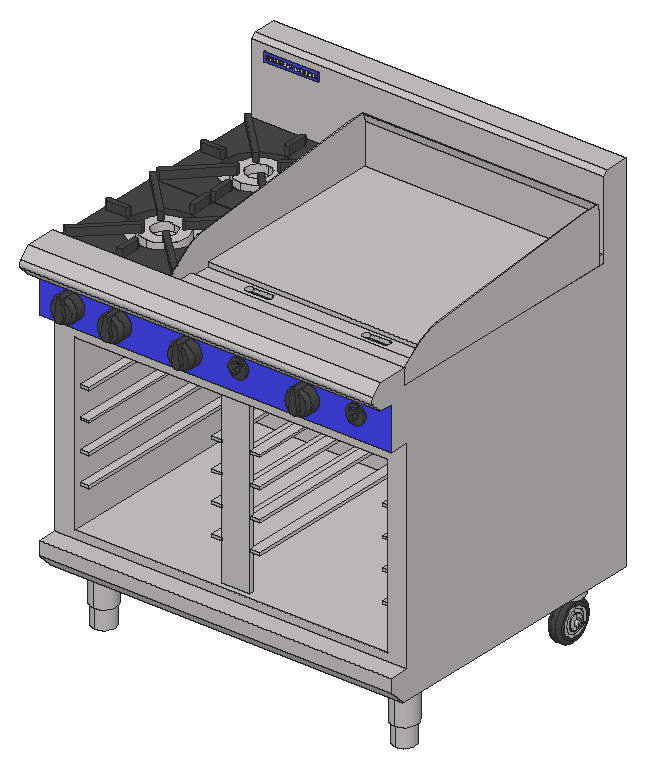
Revit family "QF_MOFFAT_BLUESEAL_CE_G516B-CB", category Specialty Equipment, Revit 2012
Parameters
  Width = 900 mm
  Weight in Pounds = 396  # constant formula
  URL Cutsheet = "www.moffat.com"
  URL = "www.moffat.com"
  Type Mark [instance] = ""
  Status [instance] = ""
  Specification by User [instance] = ""
  Specification by Manufacturer = ""
  Show Logo [instance] = yes
  Show Casters [instance] = yes
  Serial Number = ""
  Seismic Rating = ""
  SMACNA No = ""
  Revision Code [instance] = ""
  Omniclass Number and Title = ""
  NAFEM Spec ID Number = ""
  Model = "G516B-CB"
  Mechanical Remarks = ""
  Mechanical Connection Type = ""
  Masterspec = ""
  Manufacturer = "MOFFAT BLUESEAL"
  Legs [instance] = not(Show Casters)  # no
  Item Number [instance] = ""
  Installed By [instance] = ""
  Identify Quantity as Lot [instance] = yes
  Gas Size = 3/4"
  Gas RI Height = 0 mm
  Gas KW = 26.6
  Gas Input = 90990.0 Btu/h
  Gas Connection Height = 0 mm
  Furnished By [instance] = ""
  Foodservice Equipment Identifier [instance] = yes
  Description = "900MM GAS COOK TOP ON CABINET BASE"
  Depth = 812 mm
  CSI MasterFormat = ""
  CSI Master Format = ""
  Base Height [instance] = 150 mm
Reference planes
  plane 1 "BACK": y = 0
  plane 2: z = 0
  plane 3 "LEFT": x = 0
  plane 4 "RIGHT": x = 900
  plane 5 "FRONT": y = -812
  plane 6 "TOP": z = 970
  plane 7 "Center Y": x = 450
  plane 8 "Center X": y = -406
  plane 9 "Base Height": z = 150
  plane 10: z = 915
  plane 11: z = 1085
  plane 12: z = 740
  plane 13: x = 834
  plane 14: x = 65
  plane 15: y = -625
  plane 16: y = -100
Forms (mm)
  Extrusion 1, solid, material "QF_Finishes_Stainless Steel"
    sketch origin (0, 0, 0) x (0, 1, 0) y (0, 0, 1)
      loop
        line (0, 150) -> (0, 1085) -> (-57.5, 1085) -> (-70, 1072.5) -> (-70, 875) -> (-705.25, 875) -> (-705.25, 915) -> (-783.97, 915) -> (-808.485, 890.485)
        arc (-808.485, 890.485) -> (-811.999, 882) -> (-808.485, 873.515) r 12
        line (-808.485, 873.515) -> (-784.97, 850) -> (-749, 850) -> (-749, 740) -> (-130.5, 740) -> (-130.5, 222.5) -> (-749, 222.5) -> (-749, 186) -> (-713, 150) -> (0, 150)
    from 0 to 900
  Extrusion 2, void
    sketch origin (705, 3, 100) x (1, 0, 0) y (0, 1, 0)
      loop
        circle (65, -35) r 13.5
    from 640 to 570
  Revolve 3, solid, material "QF_Finishes_Black"
    sketch origin (90, 7, 760) x (0, 1, 0) y (0, 0, -1)
      loop
        line (-789, -69.5) -> (-766, -69.5) -> (-766, -42) -> (-756, -42) -> (-756, -37) -> (-800, -37) -> (-800, -63.651) -> (-789, -69.5)
      axis (-800, -37) -> (-756, -37)
    angle from 0 to 360
  Extrusion 4, solid, material "QF_Finishes_Black"
    sketch origin (228.27, 7, 760.158) x (-1, 0, 0) y (0, 0, -1)
      loop
        line (127.85, -26.037) -> (133.271, -68.955)
        arc (133.271, -68.955) -> (138.27, -73.842) -> (143.268, -68.955) r 5
        line (143.268, -68.955) -> (148.757, -24.87)
        arc (148.757, -24.87) -> (137.685, -14.371) -> (127.85, -26.037) r 10.487
    from 759 to 808
  Revolve 5, solid, material "QF_Finishes_Stainless Steel", visible <- "Legs"
    sketch origin (834, -165, 0) x (0, 1, 0) y (0, 0, -1)
      loop
        line (33.25, -150) -> (65, -150) -> (65, 0) -> (37.5, 0) -> (37.5, -50) -> (33.25, -50) -> (33.25, -150)
      axis (65, -150) -> (65, 0)
    angle from 0 to 360
  Revolve 6, solid, material "QF_Finishes_Stainless Steel"
    sketch origin (834, -728, 0) x (0, 1, 0) y (0, 0, -1)
      loop
        line (71.25, -150) -> (103, -150) -> (103, 0) -> (75.5, 0) -> (75.5, -50) -> (71.25, -50) -> (71.25, -150)
      axis (103, -150) -> (103, 0)
    angle from 0 to 360
  Extrusion 7, solid, material "QF_Finishes_Stainless Steel"
    sketch origin (0, -130.5, 735) x (0, 0, 1) y (-1, 0, 0)
      loop
        line (5, -900) -> (5, 0) -> (-512.5, 0) -> (-512.5, -900) -> (5, -900)
      loop
        line (-50, -850) -> (-50, -50) -> (-492.5, -50) -> (-492.5, -850) -> (-50, -850)
    from 0 to 568.5
  Extrusion 8, void
    sketch origin (0, 0, 150) x (-1, 0, 0) y (0, -1, 0)
      loop
        line (-824.497, 87.26) -> (-824.497, -30.24) -> (-694.997, -30.24) -> (-694.997, 38.76) -> (-743.497, 87.26) -> (-824.497, 87.26)
    from 72.5 to 590
  Extrusion 9, solid, material "QF_Finishes_Stainless Steel"
    sketch origin (0, -130.5, 735) x (0, 0, 1) y (-1, 0, 0)
      loop
        line (-50, -485.5) -> (-50, -414.5) -> (-492.5, -414.5) -> (-492.5, -485.5) -> (-50, -485.5)
    from 543.302 to 553.302
  Extrusion 10, solid, material "QF_Finishes_Stainless Steel"
    sketch origin (0, -130.5, 735) x (0, 0, 1) y (-1, 0, 0)
      loop
        line (-246.25, -414.5) -> (-239.9, -414.5) -> (-239.9, -389.5) -> (-246.25, -389.5) -> (-246.25, -414.5)
      loop
        line (-321.25, -414.5) -> (-314.9, -414.5) -> (-314.9, -389.5) -> (-321.25, -389.5) -> (-321.25, -414.5)
      loop
        line (-321.25, -50) -> (-321.25, -75) -> (-314.9, -75) -> (-314.9, -50) -> (-321.25, -50)
      loop
        line (-239.9, -75) -> (-239.9, -50) -> (-246.25, -50) -> (-246.25, -75) -> (-239.9, -75)
      loop
        line (-396.25, -414.5) -> (-389.9, -414.5) -> (-389.9, -389.5) -> (-396.25, -389.5) -> (-396.25, -414.5)
      loop
        line (-396.25, -50) -> (-396.25, -75) -> (-389.9, -75) -> (-389.9, -50) -> (-396.25, -50)
      loop
        line (-171.25, -414.5) -> (-164.9, -414.5) -> (-164.9, -389.5) -> (-171.25, -389.5) -> (-171.25, -414.5)
      loop
        line (-164.9, -75) -> (-164.9, -50) -> (-171.25, -50) -> (-171.25, -75) -> (-164.9, -75)
      loop
        line (-246.25, -485.5) -> (-246.25, -510.5) -> (-239.9, -510.5) -> (-239.9, -485.5) -> (-246.25, -485.5)
      loop
        line (-321.25, -485.5) -> (-321.25, -510.5) -> (-314.9, -510.5) -> (-314.9, -485.5) -> (-321.25, -485.5)
      loop
        line (-321.25, -850) -> (-314.9, -850) -> (-314.9, -825) -> (-321.25, -825) -> (-321.25, -850)
      loop
        line (-239.9, -825) -> (-246.25, -825) -> (-246.25, -850) -> (-239.9, -850) -> (-239.9, -825)
      loop
        line (-396.25, -485.5) -> (-396.25, -510.5) -> (-389.9, -510.5) -> (-389.9, -485.5) -> (-396.25, -485.5)
      loop
        line (-396.25, -850) -> (-389.9, -850) -> (-389.9, -825) -> (-396.25, -825) -> (-396.25, -850)
      loop
        line (-171.25, -485.5) -> (-171.25, -510.5) -> (-164.9, -510.5) -> (-164.9, -485.5) -> (-171.25, -485.5)
      loop
        line (-164.9, -825) -> (-171.25, -825) -> (-171.25, -850) -> (-164.9, -850) -> (-164.9, -825)
    from 0 to 553.302
  Extrusion 11, solid, material "QF_Finishes_Stainless Steel"
    sketch origin (705, -4.5, 740) x (0, 1, 0) y (1, 0, 0)
      loop
        circle (-27.5, 65) r 6.35
    from 0 to 1.6
  Revolve 12, solid, material "QF_Finishes_Stainless Steel", visible <- "Show Casters"
    sketch origin (784.648, -99.755, -13.653) x (1, 0, 0) y (0, 0, 1)
      loop
        line (14.841, 63.604) -> (83.584, 63.604) -> (83.584, 67.109) -> (82.314, 68.379) -> (80.79, 68.379) -> (80.79, 71.826) -> (68.644, 71.826) -> (68.644, 81.79) -> (65.088, 83.843) -> (63.738, 92.179) -> (65.881, 92.179) -> (65.881, 98.529) -> (65.088, 98.529) -> (65.088, 104.879)
        arc (65.088, 104.879) -> (62.298, 111.614) -> (55.563, 114.404) r 9.525
        line (55.563, 114.404) -> (42.863, 114.404)
        arc (42.863, 114.404) -> (36.127, 111.614) -> (33.338, 104.879) r 9.525
        line (33.338, 104.879) -> (33.338, 98.529) -> (32.544, 98.529) -> (32.544, 92.179) -> (34.687, 92.179) -> (33.352, 83.932) -> (29.782, 81.871) -> (29.782, 71.826) -> (17.635, 71.826) -> (17.635, 68.379) -> (16.111, 68.379) -> (14.841, 67.109) -> (14.841, 63.604)
      axis (14.841, 63.604) -> (83.584, 63.604)
    angle from 0 to 360
  Revolve 13, solid, material "QF_Finishes_Stainless Steel", visible <- "Show Casters"
    sketch origin (833.871, -203, 0) x (0, 1, 0) y (0, 0, 1)
      loop
        line (68.25, 150) -> (68.25, 110) -> (104, 110) -> (104, 150) -> (68.25, 150)
      axis (104, 150) -> (104, 110)
    angle from 0 to 360
  Revolve 14, solid, material "QF_Finishes_Stainless Steel", visible <- "Legs"
    sketch origin (65, -165, 0) x (0, 1, 0) y (0, 0, -1)
      loop
        line (33.25, -150) -> (65, -150) -> (65, 0) -> (37.5, 0) -> (37.5, -50) -> (33.25, -50) -> (33.25, -150)
      axis (65, -150) -> (65, 0)
    angle from 0 to 360
  Revolve 15, solid, material "QF_Finishes_Stainless Steel"
    sketch origin (65, -728, 0) x (0, 1, 0) y (0, 0, -1)
      loop
        line (71.25, -150) -> (103, -150) -> (103, 0) -> (75.5, 0) -> (75.5, -50) -> (71.25, -50) -> (71.25, -150)
      axis (103, -150) -> (103, 0)
    angle from 0 to 360
  Revolve 16, solid, material "QF_Finishes_Stainless Steel", visible <- "Show Casters"
    sketch origin (15.648, -99.755, -13.653) x (1, 0, 0) y (0, 0, 1)
      loop
        line (14.841, 63.604) -> (83.584, 63.604) -> (83.584, 67.109) -> (82.314, 68.379) -> (80.79, 68.379) -> (80.79, 71.826) -> (68.644, 71.826) -> (68.644, 81.79) -> (65.088, 83.843) -> (63.738, 92.179) -> (65.881, 92.179) -> (65.881, 98.529) -> (65.088, 98.529) -> (65.088, 104.879)
        arc (65.088, 104.879) -> (62.298, 111.614) -> (55.563, 114.404) r 9.525
        line (55.563, 114.404) -> (42.863, 114.404)
        arc (42.863, 114.404) -> (36.127, 111.614) -> (33.338, 104.879) r 9.525
        line (33.338, 104.879) -> (33.338, 98.529) -> (32.544, 98.529) -> (32.544, 92.179) -> (34.687, 92.179) -> (33.352, 83.932) -> (29.782, 81.871) -> (29.782, 71.826) -> (17.635, 71.826) -> (17.635, 68.379) -> (16.111, 68.379) -> (14.841, 67.109) -> (14.841, 63.604)
      axis (14.841, 63.604) -> (83.584, 63.604)
    angle from 0 to 360
  Revolve 17, solid, material "QF_Finishes_Stainless Steel", visible <- "Show Casters"
    sketch origin (64.871, -203, 0) x (0, 1, 0) y (0, 0, 1)
      loop
        line (68.25, 150) -> (68.25, 110) -> (104, 110) -> (104, 150) -> (68.25, 150)
      axis (104, 150) -> (104, 110)
    angle from 0 to 360
  Revolve 18, solid, material "QF_Finishes_Black"
    sketch origin (390, 7, 760) x (0, 1, 0) y (0, 0, -1)
      loop
        line (-789, -69.5) -> (-766, -69.5) -> (-766, -42) -> (-756, -42) -> (-756, -37) -> (-800, -37) -> (-800, -63.651) -> (-789, -69.5)
      axis (-800, -37) -> (-756, -37)
    angle from 0 to 360
  Extrusion 19, solid, material "QF_Finishes_Black"
    sketch origin (528.27, 7, 760.158) x (-1, 0, 0) y (0, 0, -1)
      loop
        line (127.85, -26.037) -> (133.271, -68.955)
        arc (133.271, -68.955) -> (138.27, -73.842) -> (143.268, -68.955) r 5
        line (143.268, -68.955) -> (148.757, -24.87)
        arc (148.757, -24.87) -> (137.685, -14.371) -> (127.85, -26.037) r 10.487
    from 759 to 808
  Revolve 20, solid, material "QF_Finishes_Black"
    sketch origin (690, 7, 760) x (0, 1, 0) y (0, 0, -1)
      loop
        line (-789, -69.5) -> (-766, -69.5) -> (-766, -42) -> (-756, -42) -> (-756, -37) -> (-800, -37) -> (-800, -63.651) -> (-789, -69.5)
      axis (-800, -37) -> (-756, -37)
    angle from 0 to 360
  Extrusion 21, solid, material "QF_Finishes_Black"
    sketch origin (828.27, 7, 760.158) x (-1, 0, 0) y (0, 0, -1)
      loop
        line (127.85, -26.037) -> (133.271, -68.955)
        arc (133.271, -68.955) -> (138.27, -73.842) -> (143.268, -68.955) r 5
        line (143.268, -68.955) -> (148.757, -24.87)
        arc (148.757, -24.87) -> (137.685, -14.371) -> (127.85, -26.037) r 10.487
    from 759 to 808
  Extrusion 22, solid, material "QF_Finishes_Black"
    sketch origin (0, -749, 850) x (0, 0, -1) y (1, 0, 0)
      loop
        circle (53, 510) r 23.9
      loop
        circle (53, 810) r 23.9
      loop
        arc (45.641, 818.419) -> (46.501, 823.219) -> (41.701, 824.079) r 3.448
        arc (41.701, 824.079) -> (35.116, 809.341) -> (42.919, 795.209) r 18.095
        arc (42.919, 795.209) -> (47.641, 796.491) -> (46.326, 801.204) r 3.448
        arc (46.326, 801.204) -> (42.758, 809.683) -> (45.641, 818.419) r 13.109
      loop
        arc (45.641, 518.419) -> (46.501, 523.219) -> (41.701, 524.079) r 3.448
        arc (41.701, 524.079) -> (35.116, 509.341) -> (42.919, 495.209) r 18.095
        arc (42.919, 495.209) -> (47.641, 496.491) -> (46.326, 501.204) r 3.448
        arc (46.326, 501.204) -> (42.758, 509.683) -> (45.641, 518.419) r 13.109
    from 0 to 5
  Extrusion 23, solid, material "QF_Finishes_Black"
    sketch origin (0, -754, 850) x (0, 0, -1) y (1, 0, 0)
      loop
        circle (56.5, 510) r 5.75
      loop
        circle (56.5, 810) r 5.75
    from 0 to 10
  Revolve 24, solid, material "QF_Finishes_Black"
    sketch origin (210, 7, 760) x (0, 1, 0) y (0, 0, -1)
      loop
        line (-789, -69.5) -> (-766, -69.5) -> (-766, -42) -> (-756, -42) -> (-756, -37) -> (-800, -37) -> (-800, -63.651) -> (-789, -69.5)
      axis (-800, -37) -> (-756, -37)
    angle from 0 to 360
  Extrusion 25, solid, material "QF_Finishes_Black"
    sketch origin (348.27, 7, 760.158) x (-1, 0, 0) y (0, 0, -1)
      loop
        line (127.85, -26.037) -> (133.271, -68.955)
        arc (133.271, -68.955) -> (138.27, -73.842) -> (143.268, -68.955) r 5
        line (143.268, -68.955) -> (148.757, -24.87)
        arc (148.757, -24.87) -> (137.685, -14.371) -> (127.85, -26.037) r 10.487
    from 759 to 808
Cuts and joins
  Extrusion 2, Extrusion 8 cuts Extrusion 1
  joined: Extrusion 1, Extrusion 7
Lines and regions (mm)
  Split face 1
    outline origin (900, 0, 1085) x (-1, 0, 0) y (0, -1, 0)
      loop
        arc (856, 18.385) -> (864.66, 23.385) -> (864.66, 33.385) r 10
        line (864.66, 33.385) -> (860.619, 40.385)
        arc (860.619, 40.385) -> (856.959, 44.045) -> (851.959, 45.385) r 10
        line (851.959, 45.385) -> (624, 45.385)
        arc (624, 45.385) -> (615.34, 40.385) -> (615.34, 30.385) r 10
        line (615.34, 30.385) -> (619.381, 23.385)
        arc (619.381, 23.385) -> (623.041, 19.725) -> (628.041, 18.385) r 10
        line (628.041, 18.385) -> (856, 18.385)
  Split face 2
    outline origin (900, 0, 1085) x (-1, 0, 0) y (0, -1, 0)
      loop
        arc (44, 45.385) -> (35.34, 40.385) -> (35.34, 30.385) r 10
        line (35.34, 30.385) -> (39.381, 23.385)
        arc (39.381, 23.385) -> (43.041, 19.725) -> (48.041, 18.385) r 10
        line (48.041, 18.385) -> (276, 18.385)
        arc (276, 18.385) -> (284.66, 23.385) -> (284.66, 33.385) r 10
        line (284.66, 33.385) -> (280.619, 40.385)
        arc (280.619, 40.385) -> (276.959, 44.045) -> (271.959, 45.385) r 10
        line (271.959, 45.385) -> (44, 45.385)
  Split face 3
    outline origin (900, 0, 1085) x (-1, 0, 0) y (0, -1, 0)
      loop
        arc (566, 18.385) -> (574.66, 23.385) -> (574.66, 33.385) r 10
        line (574.66, 33.385) -> (570.619, 40.385)
        arc (570.619, 40.385) -> (566.959, 44.045) -> (561.959, 45.385) r 10
        line (561.959, 45.385) -> (334, 45.385)
        arc (334, 45.385) -> (325.34, 40.385) -> (325.34, 30.385) r 10
        line (325.34, 30.385) -> (329.381, 23.385)
        arc (329.381, 23.385) -> (333.041, 19.725) -> (338.041, 18.385) r 10
        line (338.041, 18.385) -> (566, 18.385)
  symbolic lines, style "SpecialityEquipmentHiddenLines", visible <- "Show Casters"
    curve 1: line (78.456, -46.735, 0) -> (105.952, -62.61, 0)
    curve 2: line (27.656, -134.723, 0) -> (78.456, -46.735, 0)
    curve 3: line (55.152, -150.598, 0) -> (27.656, -134.723, 0)
    curve 4: line (105.952, -62.61, 0) -> (55.152, -150.598, 0)
    curve 5: line (847.456, -46.735, 0) -> (874.952, -62.61, 0)
    curve 6: line (796.656, -134.723, 0) -> (847.456, -46.735, 0)
    curve 7: line (824.152, -150.598, 0) -> (796.656, -134.723, 0)
    curve 8: line (874.952, -62.61, 0) -> (824.152, -150.598, 0)
  symbolic lines
    curve 9: line (0, -783.97, 0) -> (900, -783.97, 0)
    curve 10: line (0, -811.999, 0) -> (900, -811.999, 0)
    curve 11: line (0, 0, 0) -> (0, -811.999, 0)
    curve 12: line (900, 0, 0) -> (0, 0, 0)
    curve 13: line (900, -811.999, 0) -> (900, 0, 0)
    curve 14: line (624, -18.385, 0) -> (851.959, -18.385, 0)
    curve 15: arc (851.959, -18.385, 0) -> (856.959, -19.725, 0) -> (860.619, -23.385, 0) r 10
    curve 16: line (860.619, -23.385, 0) -> (864.66, -30.385, 0)
    curve 17: arc (864.66, -30.385, 0) -> (864.66, -40.385, 0) -> (856, -45.385, 0) r 10
    curve 18: line (856, -45.385, 0) -> (628.041, -45.385, 0)
    curve 19: arc (628.041, -45.385, 0) -> (623.041, -44.045, 0) -> (619.381, -40.385, 0) r 10
    curve 20: line (619.381, -40.385, 0) -> (615.34, -33.385, 0)
    curve 21: arc (615.34, -33.385, 0) -> (615.34, -23.385, 0) -> (624, -18.385, 0) r 10
    curve 22: line (561.959, -18.385, 0) -> (334, -18.385, 0)
    curve 23: arc (334, -18.385, 0) -> (325.34, -23.385, 0) -> (325.34, -33.385, 0) r 10
    curve 24: line (325.34, -33.385, 0) -> (329.381, -40.385, 0)
    curve 25: arc (329.381, -40.385, 0) -> (333.041, -44.045, 0) -> (338.041, -45.385, 0) r 10
    curve 26: line (338.041, -45.385, 0) -> (566, -45.385, 0)
    curve 27: arc (566, -45.385, 0) -> (574.66, -40.385, 0) -> (574.66, -30.385, 0) r 10
    curve 28: line (574.66, -30.385, 0) -> (570.619, -23.385, 0)
    curve 29: arc (570.619, -23.385, 0) -> (566.959, -19.725, 0) -> (561.959, -18.385, 0) r 10
    curve 30: line (44, -18.385, 0) -> (271.959, -18.385, 0)
    curve 31: arc (271.959, -18.385, 0) -> (276.959, -19.725, 0) -> (280.619, -23.385, 0) r 10
    curve 32: line (280.619, -23.385, 0) -> (284.66, -30.385, 0)
    curve 33: arc (284.66, -30.385, 0) -> (284.66, -40.385, 0) -> (276, -45.385, 0) r 10
    curve 34: line (276, -45.385, 0) -> (48.041, -45.385, 0)
    curve 35: arc (48.041, -45.385, 0) -> (43.041, -44.045, 0) -> (39.381, -40.385, 0) r 10
    curve 36: line (39.381, -40.385, 0) -> (35.34, -33.385, 0)
    curve 37: arc (35.34, -33.385, 0) -> (35.34, -23.385, 0) -> (44, -18.385, 0) r 10
    curve 38: line (0, -705.25, 0) -> (900, -705.25, 0)
    curve 39: line (0, -57.5, 0) -> (900, -57.5, 0)
    curve 40: line (0, -70, 0) -> (900, -70, 0)
Dimensions and locks
  equal spacing: plane 3 "LEFT", plane 7 "Center Y", plane 4 "RIGHT"
  "Width": plane 3 "LEFT" to plane 4 "RIGHT"
  equal spacing: plane 5 "FRONT", plane 8 "Center X", plane 1 "BACK"
  "Depth": plane 5 "FRONT" to plane 1 "BACK"
  "Base Height": plane 9 "Base Height" to level
  plane 10 to level = 915 mm
  cut or joined group of Extrusion 1, Extrusion 2, Extrusion 7, Extrusion 8 to level = 740 mm
  plane 11 to plane 2 = 1085 mm
  plane 2 to plane 12 = 740 mm
  plane 13 to plane 14 = 769 mm
  plane 16 to plane 15 = 525 mm
  plane 1 "BACK" to plane 16 = 100 mm
  Revolve 12 sketch curve to Revolve 12 sketch curve = 50.8 mm
  Extrusion 11 sketch curve to plane 4 "RIGHT" = 130 mm
  Revolve 16 sketch curve to Revolve 16 sketch curve = 50.8 mm
  Extrusion 11 sketch curve to plane 1 "BACK" = 32 mm
  aligned and locked: level to plane 2
Automatic sketch dimensions
  plane 1 "BACK" to curve 12 = 0 mm
  curve 12 to plane 3 "LEFT" = 0 mm
  curve 10 to plane 4 "RIGHT" = 0 mm
  plane 3 "LEFT" to curve 2 = 27.656 mm
  curve 36 to plane 14 = 29.66 mm
  curve 37 to curve 35 = 4.041 mm  (x2)
  curve 37 to curve 37 = 8.66 mm
  curve 4 to plane 14 = 9.848 mm
  plane 14 to curve 1 = 13.456 mm
  plane 1 "BACK" to curve 30 = 18.385 mm
  curve 1 to curve 30 = 166.007 mm
  curve 31 to curve 34 = 4.041 mm
  curve 30 to curve 31 = 8.66 mm
  plane 1 "BACK" to curve 32 = 30.385 mm
  curve 31 to curve 32 = 4.041 mm
  plane 1 "BACK" to curve 24 = 33.385 mm
  curve 32 to curve 24 = 40.679 mm
  curve 24 to curve 25 = 4.041 mm
  curve 23 to curve 22 = 8.66 mm
  curve 25 to curve 25 = 8.66 mm
  plane 1 "BACK" to curve 29 = 28.385 mm
  plane 7 "Center Y" to curve 29 = 111.959 mm
  curve 29 to curve 27 = 4.041 mm
  curve 22 to curve 29 = 8.66 mm
  plane 1 "BACK" to curve 28 = 30.385 mm
  curve 29 to curve 28 = 4.041 mm
  plane 1 "BACK" to curve 20 = 33.385 mm
  curve 28 to curve 20 = 40.679 mm
  plane 1 "BACK" to curve 20 = 40.385 mm
  curve 20 to curve 20 = 4.041 mm
  curve 20 to curve 21 = 8.66 mm
  curve 21 to curve 19 = 4.041 mm
  curve 6 to plane 13 = 37.344 mm
  curve 8 to plane 13 = 9.848 mm
  plane 13 to curve 6 = 13.456 mm
  plane 13 to curve 15 = 17.959 mm
  curve 15 to curve 17 = 4.041 mm
  curve 14 to curve 16 = 8.66 mm
  curve 16 to curve 16 = 4.041 mm
  curve 35 to curve 30 = 27 mm
  curve 19 to curve 19 = 5 mm
  curve 25 to curve 23 = 12 mm
  curve 1 to curve 35 = 1.35 mm
  curve 5 to curve 17 = 1.35 mm
  curve 39 to plane 16 = 42.5 mm
  curve 8 to curve 39 = 5.11 mm
  curve 1 to curve 1 = 15.875 mm
  curve 40 to curve 39 = 12.5 mm
  plane 15 to curve 38 = 80.25 mm
  curve 9 to plane 5 "FRONT" = 28.03 mm
  curve 10 to plane 5 "FRONT" = 0.001 mm
  curve 25 to curve 24 = 7 mm
  curve 34 to curve 35 = 5 mm
  curve 18 to curve 17 = 10 mm
  curve 35 to curve 37 = 7 mm
  curve 25 to curve 23 = 7 mm
  curve 19 to curve 21 = 7 mm
  curve 33 to curve 31 = 7 mm
  curve 17 to curve 15 = 7 mm
  Extrusion 1 sketch curve to plane 10 = 0 mm
  plane 12 to Extrusion 1 sketch curve = 0 mm
  Extrusion 1 sketch curve to plane 9 "Base Height" = 0 mm
  Extrusion 1 sketch curve to plane 11 = 0 mm
  Extrusion 1 sketch curve to plane 1 "BACK" = 0 mm
  Extrusion 1 sketch curve to plane 16 = 42.5 mm
  Extrusion 1 sketch curve to plane 16 = 30 mm
  plane 16 to Extrusion 1 sketch curve = 30.5 mm
  plane 15 to Extrusion 1 sketch curve = 80.25 mm
  plane 15 to Extrusion 1 sketch curve = 88 mm
  Extrusion 1 sketch curve to plane 5 "FRONT" = 63 mm  (x2)
  Extrusion 1 sketch curve to plane 5 "FRONT" = 28.03 mm
  Extrusion 1 sketch curve to plane 5 "FRONT" = 27.03 mm
  Extrusion 1 sketch curve to plane 5 "FRONT" = 12.001 mm
  Extrusion 1 sketch curve to plane 5 "FRONT" = 3.515 mm  (x2)
  plane 9 "Base Height" to Extrusion 1 sketch curve = 36 mm
  Extrusion 1 sketch curve to Extrusion 1 sketch curve = 36.5 mm
  Extrusion 1 sketch curve to plane 10 = 65 mm
  Extrusion 1 sketch curve to Extrusion 1 sketch curve = 23.515 mm
  Extrusion 1 sketch curve to plane 10 = 40 mm
  Extrusion 1 sketch curve to Extrusion 1 sketch curve = 8.485 mm
  Extrusion 1 sketch curve to plane 11 = 12.5 mm
  plane 1 "BACK" to Extrusion 2 sketch curve = 32 mm
  Extrusion 2 sketch curve to plane 13 = 64 mm
  Revolve 3 sketch curve to plane 5 "FRONT" = 19 mm
  Revolve 3 sketch curve to Revolve 3 sketch curve = 0 mm  (x2)
  Revolve 3 sketch curve to Revolve 3 sketch curve = 11 mm
  Revolve 3 sketch curve to Revolve 3 sketch curve = 12.7 mm
  Revolve 3 sketch curve to Revolve 3 sketch curve = 23 mm
  Revolve 3 sketch curve to Revolve 3 sketch curve = 10 mm
  Revolve 3 sketch curve to plane 10 = 85.5 mm
  Revolve 3 sketch curve to Revolve 3 sketch curve = 5.849 mm
  Revolve 3 sketch curve to Revolve 3 sketch curve = 27.5 mm
  Revolve 3 sketch curve to Revolve 3 sketch curve = 5 mm
  plane 14 to Extrusion 4 sketch curve = 35.419 mm
  plane 14 to Extrusion 4 sketch curve = 29.999 mm
  Extrusion 4 sketch curve to Extrusion 4 sketch curve = 10.419 mm
  Extrusion 4 sketch curve to Extrusion 4 sketch curve = 4.999 mm  (x2)
  Extrusion 4 sketch curve to Extrusion 4 sketch curve = 10.487 mm
  Extrusion 4 sketch curve to plane 10 = 85.887 mm
  Extrusion 4 sketch curve to Extrusion 4 sketch curve = 0.113 mm
  Extrusion 4 sketch curve to Extrusion 4 sketch curve = 42.919 mm
  Extrusion 4 sketch curve to Extrusion 4 sketch curve = 1.167 mm
  Revolve 5 sketch curve to plane 9 "Base Height" = 0 mm
  Revolve 5 sketch curve to level = 0 mm
  Revolve 5 sketch curve to plane 16 = 0 mm  (x2)
  plane 16 to Revolve 5 sketch curve = 27.5 mm
  plane 16 to Revolve 5 sketch curve = 31.75 mm
  level to Revolve 5 sketch curve = 50 mm
  Revolve 5 sketch curve to Revolve 5 sketch curve = 0 mm
  Revolve 5 sketch curve to Revolve 5 sketch curve = 55 mm
  Revolve 6 sketch curve to plane 9 "Base Height" = 0 mm
  Revolve 6 sketch curve to level = 0 mm
  Revolve 6 sketch curve to plane 15 = 0 mm  (x2)
  plane 15 to Revolve 6 sketch curve = 27.5 mm
  plane 15 to Revolve 6 sketch curve = 31.75 mm
  level to Revolve 6 sketch curve = 50 mm
  Revolve 6 sketch curve to Revolve 6 sketch curve = 0 mm
  Revolve 6 sketch curve to Revolve 6 sketch curve = 55 mm
  Extrusion 1 to Extrusion 7 sketch curve = 0 mm
  Extrusion 7 sketch curve to Extrusion 1 = 0 mm  (x3)
  Extrusion 1 to Extrusion 7 sketch curve = 20 mm
  Extrusion 7 sketch curve to Extrusion 1 = 55 mm
  Extrusion 1 to Extrusion 7 sketch curve = 50 mm  (x2)
  Extrusion 8 sketch curve to plane 13 = 9.503 mm
  Extrusion 8 sketch curve to plane 16 = 12.74 mm
  Extrusion 8 sketch curve to Extrusion 8 sketch curve = 81 mm
  Extrusion 8 sketch curve to Extrusion 8 sketch curve = 48.5 mm
  plane 1 "BACK" to Extrusion 8 sketch curve = 38.76 mm
  Extrusion 8 sketch curve to plane 1 "BACK" = 30.24 mm
  Extrusion 1 to Extrusion 9 sketch curve = 20 mm
  Extrusion 9 sketch curve to Extrusion 1 = 55 mm
  Extrusion 1 to Extrusion 9 sketch curve = 414.5 mm
  Extrusion 9 sketch curve to Extrusion 9 sketch curve = 71 mm
  Extrusion 1 to Extrusion 10 sketch curve = 116.25 mm  (x3)
  Extrusion 10 sketch curve to Extrusion 10 sketch curve = 0 mm  (x6)
  Extrusion 1 to Extrusion 10 sketch curve = 50 mm  (x4)
  Extrusion 10 sketch curve to Extrusion 10 sketch curve = 6.35 mm  (x16)
  Extrusion 10 sketch curve to Extrusion 10 sketch curve = 68.65 mm  (x12)
  Extrusion 10 sketch curve to Extrusion 10 sketch curve = 25 mm  (x16)
  Extrusion 10 sketch curve to Extrusion 10 sketch curve = 314.5 mm
  Extrusion 10 sketch curve to Extrusion 10 sketch curve = 71 mm  (x4)
  Extrusion 1 to Extrusion 10 sketch curve = 75 mm  (x2)
  Split face 1 sketch curve to cut or joined group of Extrusion 1, Extrusion 2, Extrusion 7, Extrusion 8 = 27.115 mm
  Split face 1 sketch curve to cut or joined group of Extrusion 1, Extrusion 2, Extrusion 7, Extrusion 8 = 284.66 mm
  Split face 1 sketch curve to Split face 1 sketch curve = 4.041 mm  (x4)
  Split face 1 sketch curve to Split face 1 sketch curve = 8.66 mm  (x2)
  Split face 1 sketch curve to cut or joined group of Extrusion 1, Extrusion 2, Extrusion 7, Extrusion 8 = 12.115 mm
  Split face 1 sketch curve to cut or joined group of Extrusion 1, Extrusion 2, Extrusion 7, Extrusion 8 = 48.041 mm
  Split face 1 sketch curve to Split face 1 sketch curve = 7 mm  (x3)
  Split face 1 sketch curve to Split face 1 sketch curve = 17 mm
  Split face 2 sketch curve to cut or joined group of Extrusion 1, Extrusion 2, Extrusion 7, Extrusion 8 = 35.34 mm
  Split face 2 sketch curve to Split face 2 sketch curve = 4.041 mm  (x4)
  Split face 2 sketch curve to Split face 2 sketch curve = 8.66 mm  (x2)
  Split face 2 sketch curve to cut or joined group of Extrusion 1, Extrusion 2, Extrusion 7, Extrusion 8 = 22.115 mm
  Split face 2 sketch curve to Split face 2 sketch curve = 223.917 mm
  Split face 2 sketch curve to cut or joined group of Extrusion 1, Extrusion 2, Extrusion 7, Extrusion 8 = 17.115 mm
  Split face 2 sketch curve to Split face 2 sketch curve = 10 mm
  Split face 2 sketch curve to Split face 2 sketch curve = 7 mm  (x3)
  Split face 3 sketch curve to cut or joined group of Extrusion 1, Extrusion 2, Extrusion 7, Extrusion 8 = 27.115 mm
  Split face 3 sketch curve to cut or joined group of Extrusion 1, Extrusion 2, Extrusion 7, Extrusion 8 = 325.34 mm
  Split face 3 sketch curve to Split face 3 sketch curve = 4.041 mm  (x4)
  Split face 3 sketch curve to Split face 3 sketch curve = 8.66 mm  (x2)
  Split face 3 sketch curve to cut or joined group of Extrusion 1, Extrusion 2, Extrusion 7, Extrusion 8 = 12.115 mm
  Split face 3 sketch curve to Split face 3 sketch curve = 223.917 mm
  Split face 3 sketch curve to Split face 3 sketch curve = 7 mm  (x3)
  Split face 3 sketch curve to Split face 3 sketch curve = 17 mm
  Revolve 12 sketch curve to plane 13 = 34.511 mm
  Revolve 12 sketch curve to Revolve 12 sketch curve = 1.27 mm  (x4)
  Revolve 12 sketch curve to Revolve 12 sketch curve = 1.524 mm  (x2)
  Revolve 12 sketch curve to Revolve 12 sketch curve = 12.146 mm  (x2)
  Revolve 12 sketch curve to plane 13 = 16.809 mm
  Revolve 12 sketch curve to Revolve 12 sketch curve = 0.794 mm  (x2)
  Revolve 12 sketch curve to Revolve 12 sketch curve = 3.57 mm
  Revolve 12 sketch curve to Revolve 12 sketch curve = 2.143 mm
  Revolve 12 sketch curve to plane 13 = 6.49 mm
  plane 13 to Revolve 12 sketch curve = 5.001 mm
  plane 13 to Revolve 12 sketch curve = 6.21 mm
  plane 13 to Revolve 12 sketch curve = 14.386 mm
  Revolve 12 sketch curve to Revolve 12 sketch curve = 1.349 mm  (x2)
  Revolve 12 sketch curve to Revolve 12 sketch curve = 3.556 mm
  Revolve 12 sketch curve to plane 4 "RIGHT" = 1.551 mm
  level to Revolve 12 sketch curve = 49.952 mm
  Revolve 12 sketch curve to Revolve 12 sketch curve = 0 mm
  Revolve 12 sketch curve to Revolve 12 sketch curve = 3.505 mm  (x2)
  Revolve 12 sketch curve to Revolve 12 sketch curve = 3.447 mm  (x2)
  Revolve 12 sketch curve to Revolve 12 sketch curve = 9.964 mm
  Revolve 12 sketch curve to Revolve 12 sketch curve = 10.045 mm
  Revolve 12 sketch curve to Revolve 12 sketch curve = 2.053 mm
  Revolve 12 sketch curve to Revolve 12 sketch curve = 2.061 mm
  Revolve 12 sketch curve to Revolve 12 sketch curve = 8.247 mm
  Revolve 12 sketch curve to Revolve 12 sketch curve = 8.336 mm
  Revolve 12 sketch curve to Revolve 12 sketch curve = 6.35 mm  (x2)
  Revolve 13 sketch curve to plane 9 "Base Height" = 0 mm
  plane 16 to Revolve 13 sketch curve = 34.75 mm
  Revolve 13 sketch curve to plane 16 = 1 mm  (x2)
  Revolve 13 sketch curve to plane 9 "Base Height" = 40 mm
  level to Revolve 13 sketch curve = 50 mm
  Revolve 13 sketch curve to level = 55 mm
  Revolve 14 sketch curve to plane 9 "Base Height" = 0 mm
  Revolve 14 sketch curve to level = 0 mm
  Revolve 14 sketch curve to plane 16 = 0 mm  (x2)
  plane 16 to Revolve 14 sketch curve = 27.5 mm
  plane 16 to Revolve 14 sketch curve = 31.75 mm
  level to Revolve 14 sketch curve = 50 mm
  Revolve 14 sketch curve to Revolve 14 sketch curve = 0 mm
  Revolve 14 sketch curve to Revolve 14 sketch curve = 55 mm
  Revolve 15 sketch curve to plane 9 "Base Height" = 0 mm
  Revolve 15 sketch curve to level = 0 mm
  Revolve 15 sketch curve to plane 15 = 0 mm  (x2)
  plane 15 to Revolve 15 sketch curve = 27.5 mm
  plane 15 to Revolve 15 sketch curve = 31.75 mm
  level to Revolve 15 sketch curve = 50 mm
  Revolve 15 sketch curve to Revolve 15 sketch curve = 0 mm
  Revolve 15 sketch curve to Revolve 15 sketch curve = 55 mm
  plane 3 "LEFT" to Revolve 16 sketch curve = 30.489 mm
  Revolve 16 sketch curve to Revolve 16 sketch curve = 1.27 mm  (x4)
  Revolve 16 sketch curve to Revolve 16 sketch curve = 1.524 mm  (x2)
  Revolve 16 sketch curve to Revolve 16 sketch curve = 12.146 mm  (x2)
  Revolve 16 sketch curve to plane 14 = 16.809 mm
  Revolve 16 sketch curve to Revolve 16 sketch curve = 0.794 mm  (x2)
  Revolve 16 sketch curve to Revolve 16 sketch curve = 3.57 mm
  Revolve 16 sketch curve to Revolve 16 sketch curve = 2.143 mm
  Revolve 16 sketch curve to plane 14 = 6.49 mm
  plane 14 to Revolve 16 sketch curve = 5.001 mm
  plane 14 to Revolve 16 sketch curve = 6.21 mm
  plane 14 to Revolve 16 sketch curve = 14.386 mm
  Revolve 16 sketch curve to Revolve 16 sketch curve = 1.349 mm  (x2)
  Revolve 16 sketch curve to Revolve 16 sketch curve = 3.556 mm
  Revolve 16 sketch curve to Revolve 16 sketch curve = 33.32 mm
  level to Revolve 16 sketch curve = 49.952 mm
  Revolve 16 sketch curve to Revolve 16 sketch curve = 0 mm
  Revolve 16 sketch curve to Revolve 16 sketch curve = 3.505 mm  (x2)
  Revolve 16 sketch curve to Revolve 16 sketch curve = 3.447 mm  (x2)
  Revolve 16 sketch curve to Revolve 16 sketch curve = 9.964 mm
  Revolve 16 sketch curve to Revolve 16 sketch curve = 10.045 mm
  Revolve 16 sketch curve to Revolve 16 sketch curve = 2.053 mm
  Revolve 16 sketch curve to Revolve 16 sketch curve = 2.061 mm
  Revolve 16 sketch curve to Revolve 16 sketch curve = 8.247 mm
  Revolve 16 sketch curve to Revolve 16 sketch curve = 8.336 mm
  Revolve 16 sketch curve to Revolve 16 sketch curve = 6.35 mm  (x2)
  Revolve 17 sketch curve to plane 9 "Base Height" = 0 mm
  plane 16 to Revolve 17 sketch curve = 34.75 mm
  Revolve 17 sketch curve to plane 16 = 1 mm  (x2)
  Revolve 17 sketch curve to plane 9 "Base Height" = 40 mm
  level to Revolve 17 sketch curve = 50 mm
  Revolve 17 sketch curve to level = 55 mm
  Revolve 18 sketch curve to plane 5 "FRONT" = 19 mm
  Revolve 18 sketch curve to Revolve 18 sketch curve = 0 mm  (x2)
  Revolve 18 sketch curve to Revolve 18 sketch curve = 11 mm
  Revolve 18 sketch curve to Revolve 18 sketch curve = 12.7 mm
  Revolve 18 sketch curve to Revolve 18 sketch curve = 23 mm
  Revolve 18 sketch curve to Revolve 18 sketch curve = 10 mm
  Revolve 18 sketch curve to plane 10 = 85.5 mm
  Revolve 18 sketch curve to Revolve 18 sketch curve = 5.849 mm
  Revolve 18 sketch curve to Revolve 18 sketch curve = 27.5 mm
  Revolve 18 sketch curve to Revolve 18 sketch curve = 5 mm
  Extrusion 19 sketch curve to plane 7 "Center Y" = 49.581 mm
  Extrusion 19 sketch curve to Extrusion 19 sketch curve = 5.421 mm
  Extrusion 19 sketch curve to Extrusion 19 sketch curve = 10.419 mm
  Extrusion 19 sketch curve to Extrusion 19 sketch curve = 4.999 mm  (x2)
  Extrusion 19 sketch curve to Extrusion 19 sketch curve = 10.487 mm
  Extrusion 19 sketch curve to plane 10 = 85.887 mm
  Extrusion 19 sketch curve to Extrusion 19 sketch curve = 0.113 mm
  Extrusion 19 sketch curve to Extrusion 19 sketch curve = 42.919 mm
  Extrusion 19 sketch curve to Extrusion 19 sketch curve = 1.167 mm
  Revolve 20 sketch curve to plane 5 "FRONT" = 19 mm
  Revolve 20 sketch curve to Revolve 20 sketch curve = 0 mm  (x2)
  Revolve 20 sketch curve to Revolve 20 sketch curve = 11 mm
  Revolve 20 sketch curve to Revolve 20 sketch curve = 12.7 mm
  Revolve 20 sketch curve to Revolve 20 sketch curve = 23 mm
  Revolve 20 sketch curve to Revolve 20 sketch curve = 10 mm
  Revolve 20 sketch curve to plane 10 = 85.5 mm
  Revolve 20 sketch curve to Revolve 20 sketch curve = 5.849 mm
  Revolve 20 sketch curve to Revolve 20 sketch curve = 27.5 mm
  Revolve 20 sketch curve to Revolve 20 sketch curve = 5 mm
  Extrusion 21 sketch curve to plane 12 = 46.195 mm
  Extrusion 21 sketch curve to plane 13 = 133.581 mm
  Extrusion 21 sketch curve to Extrusion 21 sketch curve = 5.421 mm
  Extrusion 21 sketch curve to Extrusion 21 sketch curve = 10.419 mm
  Extrusion 21 sketch curve to Extrusion 21 sketch curve = 4.999 mm  (x2)
  Extrusion 21 sketch curve to plane 10 = 85.887 mm
  Extrusion 21 sketch curve to Extrusion 21 sketch curve = 10.487 mm
  Extrusion 21 sketch curve to Extrusion 21 sketch curve = 0.113 mm
  Extrusion 21 sketch curve to Extrusion 21 sketch curve = 1.167 mm
  Extrusion 1 to Extrusion 22 sketch curve = 41.701 mm  (x2)
  Extrusion 22 sketch curve to Extrusion 22 sketch curve = 1.218 mm  (x2)
  Extrusion 22 sketch curve to Extrusion 22 sketch curve = 1.97 mm  (x4)
  Extrusion 22 sketch curve to Extrusion 22 sketch curve = 1.724 mm  (x2)
  Extrusion 22 sketch curve to Extrusion 22 sketch curve = 1.683 mm  (x2)
  Extrusion 22 sketch curve to Extrusion 22 sketch curve = 6.674 mm  (x2)
  Extrusion 22 sketch curve to Extrusion 22 sketch curve = 0.195 mm  (x2)
  Extrusion 22 sketch curve to Extrusion 22 sketch curve = 2.662 mm  (x2)
  Extrusion 1 to Extrusion 22 sketch curve = 404.791 mm
  Extrusion 22 sketch curve to Extrusion 22 sketch curve = 2.986 mm  (x2)
  Extrusion 22 sketch curve to Extrusion 22 sketch curve = 8.796 mm  (x2)
  Extrusion 22 sketch curve to Extrusion 22 sketch curve = 0.103 mm  (x2)
  Extrusion 22 sketch curve to Extrusion 22 sketch curve = 0.102 mm  (x2)
  Extrusion 1 to Extrusion 22 sketch curve = 104.791 mm
  Extrusion 23 sketch curve to Extrusion 23 sketch curve = 0 mm
  Extrusion 23 sketch curve to Extrusion 23 sketch curve = 300 mm
  Revolve 24 sketch curve to plane 5 "FRONT" = 19 mm
  Revolve 24 sketch curve to Revolve 24 sketch curve = 0 mm  (x2)
  Revolve 24 sketch curve to Revolve 24 sketch curve = 11 mm
  Revolve 24 sketch curve to Revolve 24 sketch curve = 12.7 mm
  Revolve 24 sketch curve to Revolve 24 sketch curve = 23 mm
  Revolve 24 sketch curve to Revolve 24 sketch curve = 10 mm
  Revolve 24 sketch curve to plane 10 = 85.5 mm
  Revolve 24 sketch curve to Revolve 24 sketch curve = 5.849 mm
  Revolve 24 sketch curve to Revolve 24 sketch curve = 27.5 mm
  Revolve 24 sketch curve to Revolve 24 sketch curve = 5 mm
  Extrusion 25 sketch curve to plane 12 = 46.195 mm
  plane 14 to Extrusion 25 sketch curve = 155.419 mm
  Extrusion 25 sketch curve to Extrusion 25 sketch curve = 5.421 mm
  Extrusion 25 sketch curve to Extrusion 25 sketch curve = 10.419 mm
  Extrusion 25 sketch curve to Extrusion 25 sketch curve = 4.999 mm  (x2)
  Extrusion 25 sketch curve to plane 10 = 85.887 mm
  Extrusion 25 sketch curve to Extrusion 25 sketch curve = 10.487 mm
  Extrusion 25 sketch curve to Extrusion 25 sketch curve = 0.113 mm
  Extrusion 25 sketch curve to Extrusion 25 sketch curve = 1.167 mm
  radius of Extrusion 2 sketch curve = 13.5 mm
  radius of Extrusion 11 sketch curve = 6.35 mm
  radius of Extrusion 22 sketch curve = 23.9 mm  (x2)
  radius of Extrusion 23 sketch curve = 5.75 mm  (x2)
Nested families
  nested 1: "WALDORF LOGO_FACE BASE" at (32, -70, 1056.885) x (1, 0, 0) z (0, -1, 0), visible <- "Show Logo", type "WALDORF LOGO_FACE BASE", detail levels medium+fine
    with Show Logo yes
  nested 2: "GAS BURNER300 & GRIDDLE 600" at (0, -70, 875), type "GAS BURNER300 & GRIDDLE 600"
    with Width 900 mm, Type Mark "", Status "", Specification by User "", Revision Code "", Item Number "", Installed By "", Identify Quantity as Lot yes, Furnished By "", Foodservice Equipment Identifier yes, Depth 635 mm
Connectors
  piping at (770, -32, 738.4)
    settings: on Extrusion 11, index 1, connector radius 0.37402", flow factor 0, pipe flow 0 GPM, pressure drop 0.00 psi, fitting loss kfactor 0, connector angle 0.00°, fixture units 0, engagement length 0 mm, flow configuration 1, flow direction 1, fitting loss method 0, system type 7, joint type 0, gender type 0, connector reference index -1, connector utility 0, adjustable connector no, is connector primary yes, fitting loss table "", connector description "GAS CONNECTION"
Definition of nested family "WALDORF LOGO_FACE BASE"
  Parameters (values of type "WALDORF LOGO_FACE BASE")
    Show Logo [instance] = yes
    Default Elevation = 1219.2 mm
  Reference planes
    plane 1 "Center (Front/Back)": y = 0
    plane 2: z = 0
    plane 3 "Center (Left/Right)": x = 0
  Forms (mm)
    Extrusion 1, solid
      sketch origin (0, 0, 0) x (1, 0, 0) y (0, 1, 0)
        loop
          line (-1219.2, 1219.2) -> (-1219.2, -1219.2) -> (1219.2, -1219.2) -> (1219.2, 1219.2) -> (-1219.2, 1219.2)
      from 0 to -304.8
    Extrusion 2, solid, material "QF_Finishes_Blue", visible <- "Show Logo"
      sketch origin (0, -33.217, 0) x (1, 0, 0) y (0, 1, 0)
        loop
          arc (138, 31.942) -> (137.626, 32.844) -> (136.724, 33.217) r 1.276
          line (136.724, 33.217) -> (1.29, 33.217)
          arc (1.29, 33.217) -> (0.378, 32.839) -> (0, 31.927) r 1.29
          line (0, 31.927) -> (0, 11.507)
          arc (0, 11.507) -> (0.378, 10.595) -> (1.29, 10.217) r 1.29
          line (1.29, 10.217) -> (136.71, 10.217)
          arc (136.71, 10.217) -> (137.622, 10.595) -> (138, 11.507) r 1.29
          line (138, 11.507) -> (138, 31.942)
      from 0 to 1.588
    Extrusion 3, solid, material "QF_Finishes_White", visible <- "Show Logo"
      sketch origin (0, -33.217, 1.588) x (1, 0, 0) y (0, 1, 0)
        loop
          arc (108.946, 25.919) -> (107.613, 25.367) -> (107.061, 24.034) r 1.885
          line (107.061, 24.034) -> (107.061, 17.211) -> (112.704, 17.211) -> (112.704, 19.129) -> (115.546, 19.129) -> (115.546, 17.211) -> (121.584, 17.211) -> (121.584, 24.075)
          arc (121.584, 24.075) -> (121.043, 25.379) -> (119.739, 25.919) r 1.845
          line (119.739, 25.919) -> (108.946, 25.919)
        loop
          line (123.478, 25.919) -> (123.478, 17.163) -> (134.904, 17.163) -> (134.904, 19.129) -> (129.246, 19.129) -> (129.246, 25.919) -> (123.478, 25.919)
        loop
          line (112.704, 21.258) -> (115.546, 21.258) -> (115.546, 22.702)
          arc (115.546, 22.702) -> (115.344, 23.188) -> (114.858, 23.389) r 0.687
          line (114.858, 23.389) -> (113.363, 23.389)
          arc (113.363, 23.389) -> (112.897, 23.196) -> (112.704, 22.73) r 0.658
          line (112.704, 22.73) -> (112.704, 21.258)
        loop
          line (105.071, 25.919) -> (93.771, 25.919) -> (93.771, 17.163) -> (105.071, 17.163) -> (105.071, 19.063) -> (99.535, 19.063) -> (99.535, 20.437) -> (105.071, 20.437) -> (105.071, 22.278) -> (99.535, 22.278) -> (99.535, 23.587) -> (105.071, 23.587) -> (105.071, 25.919)
        loop
          line (91.104, 25.919) -> (79.541, 25.919)
          arc (79.541, 25.919) -> (78.558, 25.513) -> (78.152, 24.53) r 1.389
          line (78.152, 24.53) -> (78.152, 22.08)
          arc (78.152, 22.08) -> (78.558, 21.098) -> (79.541, 20.691) r 1.389
          line (79.541, 20.691) -> (86.346, 20.691) -> (86.346, 18.864) -> (83.266, 18.864) -> (83.266, 19.664) -> (78.152, 19.664) -> (78.152, 18.553)
          arc (78.152, 18.553) -> (78.558, 17.57) -> (79.541, 17.163) r 1.389
          line (79.541, 17.163) -> (91.063, 17.163)
          arc (91.063, 17.163) -> (92.045, 17.57) -> (92.452, 18.553) r 1.389
          line (92.452, 18.553) -> (92.452, 20.691)
          arc (92.452, 20.691) -> (92.045, 21.673) -> (91.063, 22.08) r 1.389
          line (91.063, 22.08) -> (83.266, 22.08) -> (83.266, 23.984) -> (86.346, 23.984) -> (86.346, 22.743) -> (92.452, 22.743) -> (92.452, 24.571)
          arc (92.452, 24.571) -> (92.057, 25.524) -> (91.104, 25.919) r 1.348
        loop
          line (70.705, 25.919) -> (59.405, 25.919) -> (59.405, 17.163) -> (70.705, 17.163) -> (70.705, 19.063) -> (65.169, 19.063) -> (65.169, 20.437) -> (70.705, 20.437) -> (70.705, 22.278) -> (65.169, 22.278) -> (65.169, 23.587) -> (70.705, 23.587) -> (70.705, 25.919)
        loop
          line (57.598, 25.919) -> (51.7, 25.919) -> (51.7, 20.18)
          arc (51.7, 20.18) -> (50.63, 19.11) -> (49.56, 20.18) r 1.07
          line (49.56, 20.18) -> (49.56, 25.919) -> (43.663, 25.919) -> (43.663, 19.049)
          arc (43.663, 19.049) -> (44.215, 17.716) -> (45.548, 17.163) r 1.885
          line (45.548, 17.163) -> (55.71, 17.163)
          arc (55.71, 17.163) -> (57.045, 17.716) -> (57.598, 19.051) r 1.887
          line (57.598, 19.051) -> (57.598, 25.919)
        loop
          line (31.62, 25.919) -> (31.62, 17.163) -> (43.046, 17.163) -> (43.046, 19.129) -> (37.388, 19.129) -> (37.388, 25.919) -> (31.62, 25.919)
        loop
          line (15.969, 25.919) -> (15.969, 17.163) -> (28.693, 17.163)
          arc (28.693, 17.163) -> (29.812, 17.627) -> (30.276, 18.746) r 1.582
          line (30.276, 18.746) -> (30.276, 20.447) -> (29.48, 21.243) -> (30.276, 22.039) -> (30.276, 24.332)
          arc (30.276, 24.332) -> (29.811, 25.454) -> (28.688, 25.919) r 1.587
          line (28.688, 25.919) -> (15.969, 25.919)
        loop
          line (21.449, 24.159) -> (21.449, 22.436) -> (23.862, 22.436)
          arc (23.862, 22.436) -> (24.723, 23.298) -> (23.862, 24.159) r 0.861
          line (23.862, 24.159) -> (21.449, 24.159)
        loop
          line (21.449, 20.244) -> (21.449, 18.522) -> (23.862, 18.522)
          arc (23.862, 18.522) -> (24.723, 19.383) -> (23.862, 20.244) r 0.861
          line (23.862, 20.244) -> (21.449, 20.244)
      from 0 to 0.2
    Extrusion 4, solid, material "QF_Finishes_Blue", visible <- "Show Logo"
      sketch origin (-126.498, -31.09, 1.588) x (1, 0, 0) y (0, 1, 0)
        loop
          line (136.738, 23.522) -> (136.738, 15.1)
          arc (136.738, 15.1) -> (140.756, 19.311) -> (136.738, 23.522) r 4.216
      from 0 to 0.2
    Extrusion 5, solid, material "QF_Finishes_Red", visible <- "Show Logo"
      sketch origin (146.849, -31.09, 1.588) x (-1, 0, 0) y (0, -1, 0)
        loop
          arc (136.738, -23.522) -> (140.756, -19.311) -> (136.738, -15.1) r 4.216
          line (136.738, -15.1) -> (136.738, -23.522)
      from 0 to 0.2
  Lines and regions (mm)
    Split face 1
      outline origin (-90.35, -30.793, 1.588) x (1, 0, 0) y (0, 1, 0)
        loop
          circle (100.54, 19.013) r 4.536
  Dimensions and locks
    aligned and locked: plane 2 to Extrusion 1
    aligned and locked: level to Extrusion 1
Definition of nested family "GAS BURNER300 & GRIDDLE 600"
  Parameters (values of type "GAS BURNER300 & GRIDDLE 600")
    Width [instance] = 900 mm
    Weight in Pounds = 0
    URL Cutsheet = ""
    Type Mark [instance] = ""
    Status [instance] = ""
    Specification by User [instance] = ""
    Specification by Manufacturer = ""
    Serial Number = ""
    Seismic Rating = ""
    SMACNA No = ""
    Revision Code [instance] = ""
    Omniclass Number and Title = ""
    NAFEM Spec ID Number = ""
    Masterspec = ""
    Item Number [instance] = ""
    Installed By [instance] = ""
    Identify Quantity as Lot [instance] = yes
    Furnished By [instance] = ""
    Foodservice Equipment Identifier [instance] = yes
    Depth [instance] = 635 mm
    CSI MasterFormat = ""
    CSI Master Format = ""
  Reference planes
    plane 1 "BACK": y = 0
    plane 2: z = 0
    plane 3 "LEFT": x = 0
    plane 4 "RIGHT": x = 900
    plane 5 "FRONT": y = -635
    plane 6 "TOP": z = 142.5
    plane 7 "Center Y": x = 450
    plane 8 "Center X": y = -317.5
  Forms (mm)
    Extrusion 1, solid, material "QF_Finishes_Black"
      sketch origin (0, 0, 0) x (0, -1, 0) y (1, 0, 0)
        loop
          line (318.5, 4) -> (318.5, 296)
          arc (318.5, 296) -> (317.621, 298.121) -> (315.5, 299) r 3
          line (315.5, 299) -> (3, 299)
          arc (3, 299) -> (0.879, 298.121) -> (0, 296) r 3
          line (0, 296) -> (0, 4)
          arc (0, 4) -> (0.879, 1.879) -> (3, 1) r 3
          line (3, 1) -> (315.5, 1)
          arc (315.5, 1) -> (317.621, 1.879) -> (318.5, 4) r 3
        loop
          line (324.5, 1) -> (632, 1)
          arc (632, 1) -> (634.121, 1.879) -> (635, 4) r 3
          line (635, 4) -> (635, 296)
          arc (635, 296) -> (634.121, 298.121) -> (632, 299) r 3
          line (632, 299) -> (324.5, 299)
          arc (324.5, 299) -> (322.379, 298.121) -> (321.5, 296) r 3
          line (321.5, 296) -> (321.5, 4)
          arc (321.5, 4) -> (322.379, 1.879) -> (324.5, 1) r 3
        loop
          circle (168.5, 149.991) r 84.082
        loop
          circle (468.5, 149.991) r 84.082
      from 0 to 19.5
    Extrusion 2, solid, material "QF_Finishes_Black"
      sketch origin (0, 0, 19.5) x (0, -1, 0) y (1, 0, 0)
        loop
          spline (326.102, 15.153) -> (325.181, 13.924) -> (324.631, 12.47) -> (324.49, 10.89) -> (324.767, 9.292) -> (325.443, 7.786) -> (326.473, 6.473) -> (327.786, 5.443) -> (329.292, 4.767) -> (330.89, 4.49) -> (332.47, 4.631) -> (333.924, 5.181) -> (335.153, 6.102)
          line (335.153, 6.102) -> (443.076, 114.025)
          spline (443.076, 114.025) -> (443.837, 115.095) -> (444.238, 116.399) -> (444.251, 117.851) -> (443.875, 119.35) -> (443.137, 120.795) -> (442.086, 122.086) -> (440.795, 123.137) -> (439.35, 123.875) -> (437.851, 124.251) -> (436.399, 124.238) -> (435.095, 123.837) -> (434.025, 123.076)
          line (434.025, 123.076) -> (326.102, 15.153)
        loop
          spline (328.898, 156.4) -> (327.604, 156.182) -> (326.398, 155.543) -> (325.362, 154.525) -> (324.568, 153.2) -> (324.068, 151.656) -> (323.898, 150) -> (324.068, 148.344) -> (324.568, 146.8) -> (325.362, 145.475) -> (326.398, 144.457) -> (327.604, 143.818) -> (328.898, 143.6)
          line (328.898, 143.6) -> (378.102, 143.6)
          spline (378.102, 143.6) -> (379.396, 143.818) -> (380.602, 144.457) -> (381.638, 145.475) -> (382.432, 146.8) -> (382.932, 148.344) -> (383.102, 150) -> (382.932, 151.656) -> (382.432, 153.2) -> (381.638, 154.525) -> (380.602, 155.543) -> (379.396, 156.182) -> (378.102, 156.4)
          line (378.102, 156.4) -> (328.898, 156.4)
        loop
          spline (335.153, 293.898) -> (334.084, 294.659) -> (332.779, 295.059) -> (331.328, 295.072) -> (329.829, 294.697) -> (328.384, 293.959) -> (327.092, 292.908) -> (326.041, 291.616) -> (325.303, 290.171) -> (324.928, 288.672) -> (324.941, 287.221) -> (325.341, 285.916) -> (326.102, 284.847)
          line (326.102, 284.847) -> (434.025, 176.924)
          spline (434.025, 176.924) -> (435.095, 176.163) -> (436.399, 175.762) -> (437.851, 175.749) -> (439.35, 176.125) -> (440.795, 176.863) -> (442.086, 177.914) -> (443.137, 179.205) -> (443.875, 180.65) -> (444.251, 182.149) -> (444.238, 183.601) -> (443.837, 184.905) -> (443.076, 185.975)
          line (443.076, 185.975) -> (335.153, 293.898)
        loop
          line (463.6, 291.102) -> (463.6, 241.898)
          spline (463.6, 241.898) -> (463.818, 240.604) -> (464.457, 239.398) -> (465.475, 238.362) -> (466.8, 237.568) -> (468.344, 237.068) -> (470, 236.898) -> (471.656, 237.068) -> (473.2, 237.568) -> (474.525, 238.362) -> (475.543, 239.398) -> (476.182, 240.604) -> (476.4, 241.898)
          line (476.4, 241.898) -> (476.4, 291.102)
          spline (476.4, 291.102) -> (476.182, 292.396) -> (475.543, 293.602) -> (474.525, 294.638) -> (473.2, 295.432) -> (471.656, 295.932) -> (470, 296.102) -> (468.344, 295.932) -> (466.8, 295.432) -> (465.475, 294.638) -> (464.457, 293.602) -> (463.818, 292.396) -> (463.6, 291.102)
        loop
          spline (612.398, 284.847) -> (613.159, 285.916) -> (613.559, 287.221) -> (613.572, 288.672) -> (613.197, 290.171) -> (612.459, 291.616) -> (611.408, 292.908) -> (610.116, 293.959) -> (608.671, 294.697) -> (607.172, 295.072) -> (605.721, 295.059) -> (604.416, 294.659) -> (603.347, 293.898)
          line (603.347, 293.898) -> (496.924, 185.975)
          spline (496.924, 185.975) -> (496.163, 184.905) -> (495.762, 183.601) -> (495.749, 182.149) -> (496.125, 180.65) -> (496.863, 179.205) -> (497.914, 177.914) -> (499.205, 176.863) -> (500.65, 176.125) -> (502.149, 175.749) -> (503.601, 175.762) -> (504.905, 176.163) -> (505.975, 176.924)
          line (505.975, 176.924) -> (612.398, 284.847)
        loop
          spline (609.602, 143.6) -> (610.896, 143.818) -> (612.102, 144.457) -> (613.138, 145.475) -> (613.932, 146.8) -> (614.432, 148.344) -> (614.602, 150) -> (614.432, 151.656) -> (613.932, 153.2) -> (613.138, 154.525) -> (612.102, 155.543) -> (610.896, 156.182) -> (609.602, 156.4)
          line (609.602, 156.4) -> (561.898, 156.4)
          spline (561.898, 156.4) -> (560.604, 156.182) -> (559.398, 155.543) -> (558.362, 154.525) -> (557.568, 153.2) -> (557.068, 151.656) -> (556.898, 150) -> (557.068, 148.344) -> (557.568, 146.8) -> (558.362, 145.475) -> (559.398, 144.457) -> (560.604, 143.818) -> (561.898, 143.6)
          line (561.898, 143.6) -> (609.602, 143.6)
        loop
          line (612.398, 15.153) -> (505.975, 123.076)
          spline (505.975, 123.076) -> (504.905, 123.837) -> (503.601, 124.238) -> (502.149, 124.251) -> (500.65, 123.875) -> (499.205, 123.137) -> (497.914, 122.086) -> (496.863, 120.795) -> (496.125, 119.35) -> (495.749, 117.851) -> (495.762, 116.399) -> (496.163, 115.095) -> (496.924, 114.025)
          line (496.924, 114.025) -> (603.347, 6.102)
          spline (603.347, 6.102) -> (604.416, 5.341) -> (605.721, 4.941) -> (607.172, 4.928) -> (608.671, 5.303) -> (610.116, 6.041) -> (611.408, 7.092) -> (612.459, 8.384) -> (613.197, 9.829) -> (613.572, 11.328) -> (613.559, 12.779) -> (613.159, 14.084) -> (612.398, 15.153)
        loop
          line (476.4, 8.898) -> (476.4, 58.102)
          spline (476.4, 58.102) -> (476.182, 59.396) -> (475.543, 60.602) -> (474.525, 61.638) -> (473.2, 62.432) -> (471.656, 62.932) -> (470, 63.102) -> (468.344, 62.932) -> (466.8, 62.432) -> (465.475, 61.638) -> (464.457, 60.602) -> (463.818, 59.396) -> (463.6, 58.102)
          line (463.6, 58.102) -> (463.6, 8.898)
          spline (463.6, 8.898) -> (463.818, 7.604) -> (464.457, 6.398) -> (465.475, 5.362) -> (466.8, 4.568) -> (468.344, 4.068) -> (470, 3.898) -> (471.656, 4.068) -> (473.2, 4.568) -> (474.525, 5.362) -> (475.543, 6.398) -> (476.182, 7.604) -> (476.4, 8.898)
        loop
          spline (22.602, 15.153) -> (21.681, 13.924) -> (21.131, 12.47) -> (20.99, 10.89) -> (21.267, 9.292) -> (21.943, 7.786) -> (22.973, 6.473) -> (24.286, 5.443) -> (25.792, 4.767) -> (27.39, 4.49) -> (28.97, 4.631) -> (30.424, 5.181) -> (31.653, 6.102)
          line (31.653, 6.102) -> (139.576, 114.025)
          spline (139.576, 114.025) -> (140.337, 115.095) -> (140.738, 116.399) -> (140.751, 117.851) -> (140.375, 119.35) -> (139.637, 120.795) -> (138.586, 122.086) -> (137.295, 123.137) -> (135.85, 123.875) -> (134.351, 124.251) -> (132.899, 124.238) -> (131.595, 123.837) -> (130.525, 123.076)
          line (130.525, 123.076) -> (22.602, 15.153)
        loop
          spline (25.398, 156.4) -> (24.104, 156.182) -> (22.898, 155.543) -> (21.862, 154.525) -> (21.068, 153.2) -> (20.568, 151.656) -> (20.398, 150) -> (20.568, 148.344) -> (21.068, 146.8) -> (21.862, 145.475) -> (22.898, 144.457) -> (24.104, 143.818) -> (25.398, 143.6)
          line (25.398, 143.6) -> (74.602, 143.6)
          spline (74.602, 143.6) -> (75.896, 143.818) -> (77.102, 144.457) -> (78.138, 145.475) -> (78.932, 146.8) -> (79.432, 148.344) -> (79.602, 150) -> (79.432, 151.656) -> (78.932, 153.2) -> (78.138, 154.525) -> (77.102, 155.543) -> (75.896, 156.182) -> (74.602, 156.4)
          line (74.602, 156.4) -> (25.398, 156.4)
        loop
          spline (31.653, 293.898) -> (30.584, 294.659) -> (29.279, 295.059) -> (27.828, 295.072) -> (26.329, 294.697) -> (24.884, 293.959) -> (23.592, 292.908) -> (22.541, 291.616) -> (21.803, 290.171) -> (21.428, 288.672) -> (21.441, 287.221) -> (21.841, 285.916) -> (22.602, 284.847)
          line (22.602, 284.847) -> (130.525, 176.924)
          spline (130.525, 176.924) -> (131.595, 176.163) -> (132.899, 175.762) -> (134.351, 175.749) -> (135.85, 176.125) -> (137.295, 176.863) -> (138.586, 177.914) -> (139.637, 179.205) -> (140.375, 180.65) -> (140.751, 182.149) -> (140.738, 183.601) -> (140.337, 184.905) -> (139.576, 185.975)
          line (139.576, 185.975) -> (31.653, 293.898)
        loop
          line (160.1, 291.102) -> (160.1, 241.898)
          spline (160.1, 241.898) -> (160.318, 240.604) -> (160.957, 239.398) -> (161.975, 238.362) -> (163.3, 237.568) -> (164.844, 237.068) -> (166.5, 236.898) -> (168.156, 237.068) -> (169.7, 237.568) -> (171.025, 238.362) -> (172.043, 239.398) -> (172.682, 240.604) -> (172.9, 241.898)
          line (172.9, 241.898) -> (172.9, 291.102)
          spline (172.9, 291.102) -> (172.682, 292.396) -> (172.043, 293.602) -> (171.025, 294.638) -> (169.7, 295.432) -> (168.156, 295.932) -> (166.5, 296.102) -> (164.844, 295.932) -> (163.3, 295.432) -> (161.975, 294.638) -> (160.957, 293.602) -> (160.318, 292.396) -> (160.1, 291.102)
        loop
          spline (313.898, 284.847) -> (314.659, 285.916) -> (315.059, 287.221) -> (315.072, 288.672) -> (314.697, 290.171) -> (313.959, 291.616) -> (312.908, 292.908) -> (311.616, 293.959) -> (310.171, 294.697) -> (308.672, 295.072) -> (307.221, 295.059) -> (305.916, 294.659) -> (304.847, 293.898)
          line (304.847, 293.898) -> (193.424, 185.975)
